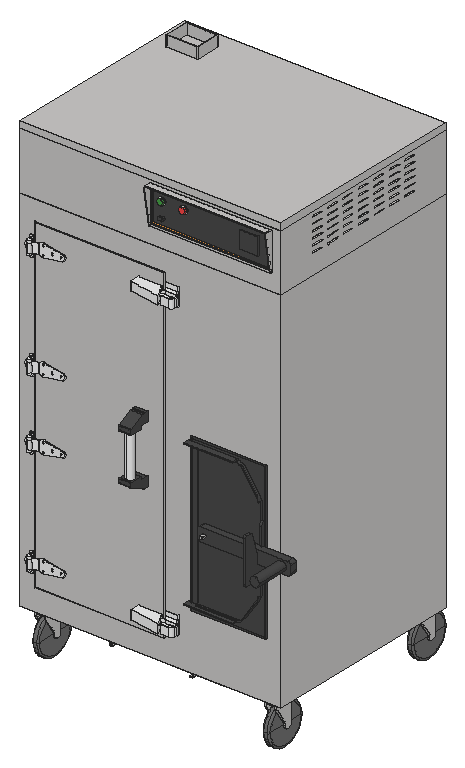
Revit family "QF_Southern Pride_SRG-400", category Specialty Equipment, Revit 2019 (continued)
Definition of nested family "Southern Pride_SRG-400 Door"
  Automatic sketch dimensions
    Extrusion 17 sketch curve to Extrusion 17 sketch curve = 0.000"  (x2)
    Extrusion 17 sketch curve to plane 13 "Handle CL FB" = 0.1638"
    plane 13 "Handle CL FB" to Extrusion 17 sketch curve = 0.26423"
    plane 13 "Handle CL FB" to Extrusion 17 sketch curve = 0.36635"
    plane 13 "Handle CL FB" to Extrusion 17 sketch curve = 0.47299"
    Extrusion 17 sketch curve to Extrusion 17 sketch curve = 0.24814"  (x2)
    Extrusion 17 sketch curve to Extrusion 17 sketch curve = 0.6204"
    Extrusion 17 sketch curve to Extrusion 17 sketch curve = 0.04959"
    Extrusion 17 sketch curve to Extrusion 17 sketch curve = 0.49627"
    plane 5 "RIGHT" to Extrusion 17 sketch curve = 2.20093"
    Extrusion 17 sketch curve to Extrusion 17 sketch curve = 0.03047"
    Extrusion 17 sketch curve to Extrusion 17 sketch curve = 0.86848"
    Extrusion 17 sketch curve to Extrusion 17 sketch curve = 0.06093"
    Extrusion 17 sketch curve to Extrusion 17 sketch curve = 0.07819"
    plane 5 "RIGHT" to Extrusion 17 sketch curve = 0.56203"
    Extrusion 17 sketch curve to Extrusion 17 sketch curve = 0.11474"
    plane 18 "Left Bottom Hinge CL Elev" to Extrusion 18 sketch curve = 0.5052"
    level to Extrusion 18 sketch curve = 1.1198"
    plane 5 "RIGHT" to Extrusion 18 sketch curve = 2.223"
    plane 5 "RIGHT" to Extrusion 18 sketch curve = 0.278"
    Extrusion 19 sketch curve to Extrusion 19 sketch curve = 0.000"  (x6)
    Extrusion 19 sketch curve to plane 13 "Handle CL FB" = 0.000"
    Extrusion 19 sketch curve to Extrusion 19 sketch curve = 0.125"
    plane 13 "Handle CL FB" to Extrusion 19 sketch curve = 0.25639"
    Extrusion 19 sketch curve to Extrusion 19 sketch curve = 0.375"
    Extrusion 19 sketch curve to Extrusion 19 sketch curve = 0.4275"
    plane 5 "RIGHT" to Extrusion 19 sketch curve = 0.35136"
    Extrusion 19 sketch curve to plane 16 "Left Hinge CL FB" = 0.70593"
    plane 5 "RIGHT" to Extrusion 19 sketch curve = 0.30074"
    Extrusion 19 sketch curve to Extrusion 19 sketch curve = 0.11713"
    Extrusion 19 sketch curve to Extrusion 19 sketch curve = 0.2939"
    Extrusion 19 sketch curve to Extrusion 19 sketch curve = 1.3075"
    plane 13 "Handle CL FB" to Extrusion 20 sketch curve = 0.61455"
    plane 5 "RIGHT" to Extrusion 20 sketch curve = 2.140"
    Extrusion 21 sketch curve to Extrusion 21 sketch curve = 0.000"  (x2)
    Extrusion 21 sketch curve to plane 13 "Handle CL FB" = 0.1638"
    plane 13 "Handle CL FB" to Extrusion 21 sketch curve = 0.26423"
    plane 13 "Handle CL FB" to Extrusion 21 sketch curve = 0.36635"
    plane 13 "Handle CL FB" to Extrusion 21 sketch curve = 0.47299"
    Extrusion 21 sketch curve to Extrusion 21 sketch curve = 0.24814"  (x2)
    Extrusion 21 sketch curve to Extrusion 21 sketch curve = 0.6204"
    Extrusion 21 sketch curve to Extrusion 21 sketch curve = 0.04959"
    Extrusion 21 sketch curve to Extrusion 21 sketch curve = 0.49627"
    plane 5 "RIGHT" to Extrusion 21 sketch curve = 2.20093"
    Extrusion 21 sketch curve to Extrusion 21 sketch curve = 0.03047"
    Extrusion 21 sketch curve to Extrusion 21 sketch curve = 0.86848"
    Extrusion 21 sketch curve to Extrusion 21 sketch curve = 0.06093"
    Extrusion 21 sketch curve to Extrusion 21 sketch curve = 0.07819"
    plane 5 "RIGHT" to Extrusion 21 sketch curve = 0.56203"
    Extrusion 21 sketch curve to Extrusion 21 sketch curve = 0.11474"
    Extrusion 22 sketch curve to plane 16 "Left Hinge CL FB" = 0.385"
    Extrusion 22 sketch curve to plane 4 "FRONT" = 0.125"
    plane 5 "RIGHT" to Extrusion 22 sketch curve = 2.5623"
    Extrusion 22 sketch curve to Extrusion 22 sketch curve = 0.3393"
    plane 5 "RIGHT" to Extrusion 22 sketch curve = 0.9609"
    plane 5 "RIGHT" to Extrusion 22 sketch curve = 0.278"
    Extrusion 23 sketch curve to plane 16 "Left Hinge CL FB" = 0.000"
    Extrusion 23 sketch curve to plane 15 "Left Hinge CL LR" = 0.000"
    Extrusion 23 sketch curve to plane 4 "FRONT" = 0.125"
    Extrusion 23 sketch curve to Extrusion 23 sketch curve = 0.3117"
    Extrusion 24 sketch curve to plane 16 "Left Hinge CL FB" = 0.000"
    Extrusion 24 sketch curve to plane 15 "Left Hinge CL LR" = 0.000"
    Extrusion 24 sketch curve to plane 4 "FRONT" = 0.125"
    Extrusion 24 sketch curve to Extrusion 24 sketch curve = 0.3117"
    Extrusion 25 sketch curve to plane 15 "Left Hinge CL LR" = 0.000"
    Extrusion 25 sketch curve to plane 16 "Left Hinge CL FB" = 0.000"
    Extrusion 26 sketch curve to Extrusion 26 sketch curve = 0.000"  (x3)
    Extrusion 26 sketch curve to plane 15 "Left Hinge CL LR" = 0.000"
    Extrusion 26 sketch curve to plane 16 "Left Hinge CL FB" = 0.000"
    Extrusion 26 sketch curve to plane 17 = 0.000"
    plane 13 "Handle CL FB" to Extrusion 26 sketch curve = 0.37193"
    Extrusion 26 sketch curve to plane 4 "FRONT" = 0.125"
    plane 4 "FRONT" to Extrusion 26 sketch curve = 0.00152"
    Extrusion 26 sketch curve to plane 1 "BACK" = 0.27018"
    plane 17 to Extrusion 26 sketch curve = 0.29395"
    plane 15 "Left Hinge CL LR" to Extrusion 26 sketch curve = 0.24165"
    Extrusion 26 sketch curve to plane 16 "Left Hinge CL FB" = 0.12344"
    Extrusion 27 sketch curve to Extrusion 27 sketch curve = 0.000"  (x9)
    Extrusion 27 sketch curve to plane 21 "Center Bottom Hinge CL Elev" = 0.000"  (x4)
    Extrusion 27 sketch curve to plane 17 = 0.000"
    plane 11 "Handle Bottom" to Extrusion 27 sketch curve = 0.1889"
    plane 17 to Extrusion 27 sketch curve = 0.66572"
    Extrusion 27 sketch curve to plane 21 "Center Bottom Hinge CL Elev" = 0.3139"
    Extrusion 27 sketch curve to Extrusion 27 sketch curve = 0.09038"  (x2)
    Extrusion 27 sketch curve to Extrusion 27 sketch curve = 0.0338"  (x2)
    Extrusion 27 sketch curve to Extrusion 27 sketch curve = 1.47068"
    Extrusion 27 sketch curve to Extrusion 27 sketch curve = 1.3803"
    Extrusion 27 sketch curve to Extrusion 27 sketch curve = 0.1748"  (x2)
    plane 11 "Handle Bottom" to Extrusion 27 sketch curve = 0.33672"
    plane 3 "LEFT" to Extrusion 27 sketch curve = 0.1379"  (x2)
    Extrusion 27 sketch curve to plane 3 "LEFT" = 0.2323"
    plane 15 "Left Hinge CL LR" to Extrusion 27 sketch curve = 0.0319"  (x2)
    Extrusion 27 sketch curve to plane 15 "Left Hinge CL LR" = 0.21933"  (x2)
    Extrusion 27 sketch curve to plane 15 "Left Hinge CL LR" = 0.4073"
    Extrusion 27 sketch curve to Extrusion 27 sketch curve = 0.1568"
    Extrusion 27 sketch curve to Extrusion 27 sketch curve = 2.0042"  (x2)
    Extrusion 27 sketch curve to plane 12 "Handle Inside Bottom" = 0.30262"
    Extrusion 27 sketch curve to plane 21 "Center Bottom Hinge CL Elev" = 1.82238"
    Extrusion 27 sketch curve to Extrusion 27 sketch curve = 0.70296"
    Extrusion 27 sketch curve to Extrusion 27 sketch curve = 0.2134"  (x2)
    Extrusion 27 sketch curve to Extrusion 27 sketch curve = 0.2711"  (x2)
    plane 11 "Handle Bottom" to Extrusion 27 sketch curve = 0.8694"
    plane 15 "Left Hinge CL LR" to Extrusion 27 sketch curve = 0.28295"  (x2)
    plane 11 "Handle Bottom" to Extrusion 27 sketch curve = 0.28072"
    Extrusion 28 sketch curve to plane 16 "Left Hinge CL FB" = 0.000"
    Extrusion 28 sketch curve to plane 15 "Left Hinge CL LR" = 0.000"
    Extrusion 28 sketch curve to plane 4 "FRONT" = 0.125"
    plane 15 "Left Hinge CL LR" to Extrusion 28 sketch curve = 0.3117"
    Extrusion 29 sketch curve to plane 16 "Left Hinge CL FB" = 0.000"
    Extrusion 29 sketch curve to plane 15 "Left Hinge CL LR" = 0.000"
    Extrusion 29 sketch curve to plane 4 "FRONT" = 0.125"
    plane 15 "Left Hinge CL LR" to Extrusion 29 sketch curve = 0.3117"
    Extrusion 30 sketch curve to plane 15 "Left Hinge CL LR" = 0.000"
    Extrusion 30 sketch curve to plane 16 "Left Hinge CL FB" = 0.000"
    Extrusion 31 sketch curve to Extrusion 31 sketch curve = 0.000"  (x3)
    Extrusion 31 sketch curve to plane 15 "Left Hinge CL LR" = 0.000"
    Extrusion 31 sketch curve to plane 16 "Left Hinge CL FB" = 0.000"
    Extrusion 31 sketch curve to plane 17 = 0.000"
    plane 13 "Handle CL FB" to Extrusion 31 sketch curve = 0.37193"
    Extrusion 31 sketch curve to plane 4 "FRONT" = 0.125"
    plane 4 "FRONT" to Extrusion 31 sketch curve = 0.00152"
    Extrusion 31 sketch curve to plane 1 "BACK" = 0.27018"
    plane 17 to Extrusion 31 sketch curve = 0.29395"
    plane 15 "Left Hinge CL LR" to Extrusion 31 sketch curve = 0.24165"
    Extrusion 31 sketch curve to plane 16 "Left Hinge CL FB" = 0.12344"
    Extrusion 32 sketch curve to Extrusion 32 sketch curve = 0.000"  (x9)
    Extrusion 32 sketch curve to plane 20 "Center Top Hinge CL Elev" = 0.000"  (x4)
    Extrusion 32 sketch curve to plane 17 = 0.000"
    plane 20 "Center Top Hinge CL Elev" to Extrusion 32 sketch curve = 0.3139"
    plane 17 to Extrusion 32 sketch curve = 0.66572"
    Extrusion 32 sketch curve to plane 10 "Handle Top" = 0.1889"
    Extrusion 32 sketch curve to Extrusion 32 sketch curve = 0.09038"  (x2)
    Extrusion 32 sketch curve to Extrusion 32 sketch curve = 0.0338"  (x2)
    Extrusion 32 sketch curve to Extrusion 32 sketch curve = 1.47068"
    Extrusion 32 sketch curve to Extrusion 32 sketch curve = 1.3803"
    Extrusion 32 sketch curve to Extrusion 32 sketch curve = 0.1748"  (x2)
    plane 10 "Handle Top" to Extrusion 32 sketch curve = 0.58672"
    plane 3 "LEFT" to Extrusion 32 sketch curve = 0.1379"  (x2)
    Extrusion 32 sketch curve to plane 3 "LEFT" = 0.2323"
    plane 15 "Left Hinge CL LR" to Extrusion 32 sketch curve = 0.0319"  (x2)
    Extrusion 32 sketch curve to plane 15 "Left Hinge CL LR" = 0.21933"  (x2)
    Extrusion 32 sketch curve to plane 15 "Left Hinge CL LR" = 0.4073"
    Extrusion 32 sketch curve to Extrusion 32 sketch curve = 0.1568"
    plane 9 "Handle Inside Top" to Extrusion 32 sketch curve = 0.30262"
    Extrusion 32 sketch curve to Extrusion 32 sketch curve = 2.0042"  (x2)
    plane 9 "Handle Inside Top" to Extrusion 32 sketch curve = 0.9172"
    Extrusion 32 sketch curve to Extrusion 32 sketch curve = 0.2134"  (x2)
    Extrusion 32 sketch curve to Extrusion 32 sketch curve = 0.2711"  (x2)
    plane 20 "Center Top Hinge CL Elev" to Extrusion 32 sketch curve = 0.9944"
    plane 20 "Center Top Hinge CL Elev" to Extrusion 32 sketch curve = 1.82238"
    plane 15 "Left Hinge CL LR" to Extrusion 32 sketch curve = 0.28295"  (x2)
    plane 20 "Center Top Hinge CL Elev" to Extrusion 32 sketch curve = 0.40572"
    Extrusion 33 sketch curve to plane 4 "FRONT" = 0.000"
    Extrusion 33 sketch curve to plane 4 "FRONT" = 0.250"
    Extrusion 33 sketch curve to plane 7 "Handle CL LR" = 0.3127"
    plane 13 "Handle CL FB" to Extrusion 33 sketch curve = 0.84426"
    Extrusion 33 sketch curve to plane 13 "Handle CL FB" = 0.01886"
    Extrusion 33 sketch curve to plane 5 "RIGHT" = 0.1252"
    Extrusion 33 sketch curve to plane 5 "RIGHT" = 0.0002"
    plane 5 "RIGHT" to Extrusion 33 sketch curve = 0.83777"
    Extrusion 33 sketch curve to Extrusion 33 sketch curve = 0.01955"
    Extrusion 34 sketch curve to Extrusion 34 sketch curve = 0.000"  (x2)
    Extrusion 34 sketch curve to plane 13 "Handle CL FB" = 0.1638"
    plane 13 "Handle CL FB" to Extrusion 34 sketch curve = 0.26423"
    plane 13 "Handle CL FB" to Extrusion 34 sketch curve = 0.36635"
    plane 13 "Handle CL FB" to Extrusion 34 sketch curve = 0.47299"
    Extrusion 34 sketch curve to Extrusion 34 sketch curve = 0.24814"  (x2)
    Extrusion 34 sketch curve to Extrusion 34 sketch curve = 0.6204"
    Extrusion 34 sketch curve to Extrusion 34 sketch curve = 0.04959"
    Extrusion 34 sketch curve to Extrusion 34 sketch curve = 0.49627"
    plane 5 "RIGHT" to Extrusion 34 sketch curve = 2.20093"
    Extrusion 34 sketch curve to Extrusion 34 sketch curve = 0.03047"
    Extrusion 34 sketch curve to Extrusion 34 sketch curve = 0.86848"
    Extrusion 34 sketch curve to Extrusion 34 sketch curve = 0.06093"
    Extrusion 34 sketch curve to Extrusion 34 sketch curve = 0.07819"
    plane 5 "RIGHT" to Extrusion 34 sketch curve = 0.56203"
    Extrusion 34 sketch curve to Extrusion 34 sketch curve = 0.11474"
    plane 5 "RIGHT" to Extrusion 35 sketch curve = 0.278"
    Extrusion 35 sketch curve to plane 6 "TOP" = 1.1198"
    Extrusion 35 sketch curve to plane 23 "Left Top Hinge CL Elev" = 0.5052"
    Extrusion 35 sketch curve to Extrusion 35 sketch curve = 1.945"
    Extrusion 36 sketch curve to Extrusion 36 sketch curve = 0.000"  (x6)
    Extrusion 36 sketch curve to plane 13 "Handle CL FB" = 0.000"
    Extrusion 36 sketch curve to Extrusion 36 sketch curve = 0.125"
    plane 13 "Handle CL FB" to Extrusion 36 sketch curve = 0.25639"
    Extrusion 36 sketch curve to Extrusion 36 sketch curve = 0.375"
    Extrusion 36 sketch curve to Extrusion 36 sketch curve = 0.4275"
    plane 5 "RIGHT" to Extrusion 36 sketch curve = 0.35136"
    Extrusion 36 sketch curve to plane 16 "Left Hinge CL FB" = 0.70593"
    plane 5 "RIGHT" to Extrusion 36 sketch curve = 0.30074"
    Extrusion 36 sketch curve to Extrusion 36 sketch curve = 0.11713"
    Extrusion 36 sketch curve to Extrusion 36 sketch curve = 0.2939"
    Extrusion 36 sketch curve to Extrusion 36 sketch curve = 1.3075"
    plane 13 "Handle CL FB" to Extrusion 37 sketch curve = 0.61455"
    plane 5 "RIGHT" to Extrusion 37 sketch curve = 2.140"
    Extrusion 38 sketch curve to Extrusion 38 sketch curve = 0.000"  (x2)
    Extrusion 38 sketch curve to plane 13 "Handle CL FB" = 0.1638"
    plane 13 "Handle CL FB" to Extrusion 38 sketch curve = 0.26423"
    plane 13 "Handle CL FB" to Extrusion 38 sketch curve = 0.36635"
    plane 13 "Handle CL FB" to Extrusion 38 sketch curve = 0.47299"
    Extrusion 38 sketch curve to Extrusion 38 sketch curve = 0.24814"  (x2)
    Extrusion 38 sketch curve to Extrusion 38 sketch curve = 0.6204"
    Extrusion 38 sketch curve to Extrusion 38 sketch curve = 0.04959"
    Extrusion 38 sketch curve to Extrusion 38 sketch curve = 0.49627"
    plane 5 "RIGHT" to Extrusion 38 sketch curve = 2.20093"
    Extrusion 38 sketch curve to Extrusion 38 sketch curve = 0.03047"
    Extrusion 38 sketch curve to Extrusion 38 sketch curve = 0.86848"
    Extrusion 38 sketch curve to Extrusion 38 sketch curve = 0.06093"
    Extrusion 38 sketch curve to Extrusion 38 sketch curve = 0.07819"
    plane 5 "RIGHT" to Extrusion 38 sketch curve = 0.56203"
    Extrusion 38 sketch curve to Extrusion 38 sketch curve = 0.11474"
    Extrusion 39 sketch curve to plane 16 "Left Hinge CL FB" = 0.385"
    Extrusion 39 sketch curve to plane 4 "FRONT" = 0.125"
    plane 5 "RIGHT" to Extrusion 39 sketch curve = 2.5623"
    Extrusion 39 sketch curve to Extrusion 39 sketch curve = 0.3393"
    plane 5 "RIGHT" to Extrusion 39 sketch curve = 0.9609"
    plane 5 "RIGHT" to Extrusion 39 sketch curve = 0.278"
    curve 16 to curve 21 = 0.000"  (x2)
    curve 36 to curve 47 = 0.000"  (x2)
    curve 37 to curve 45 = 0.000"  (x2)
    curve 39 to curve 43 = 0.000"  (x2)
    curve 48 to curve 49 = 0.000"  (x2)
    curve 11 to plane 4 "FRONT" = 0.000"
    curve 14 to plane 16 "Left Hinge CL FB" = 0.000"
    curve 15 to plane 15 "Left Hinge CL LR" = 0.000"
    curve 8 to plane 13 "Handle CL FB" = 0.000"
    curve 8 to plane 15 "Left Hinge CL LR" = 0.000"
    curve 19 to plane 17 = 0.000"
    curve 9 to plane 5 "RIGHT" = 0.000"
    curve 29 to plane 4 "FRONT" = 0.000"
    curve 41 to plane 13 "Handle CL FB" = 0.000"
    curve 9 to plane 13 "Handle CL FB" = 0.000"
    curve 14 to plane 15 "Left Hinge CL LR" = 0.3117"
    curve 12 to plane 4 "FRONT" = 0.125"
    curve 12 to curve 14 = 0.6603"
    plane 15 "Left Hinge CL LR" to curve 17 = 0.24165"
    curve 18 to curve 13 = 0.128"
    curve 9 to plane 4 "FRONT" = 0.01196"
    plane 3 "LEFT" to curve 9 = 0.10502"
    plane 17 to curve 16 = 0.29395"
    curve 20 to plane 4 "FRONT" = 0.125"
    curve 19 to curve 20 = 4.0104"
    curve 5 to plane 7 "Handle CL LR" = 0.938"
    curve 22 to plane 7 "Handle CL LR" = 0.4377"
    curve 22 to curve 24 = 0.10545"
    curve 24 to curve 23 = 0.01955"
    plane 7 "Handle CL LR" to curve 6 = 0.938"
    curve 28 to plane 5 "RIGHT" = 0.1252"
    curve 25 to plane 5 "RIGHT" = 0.0002"
    curve 31 to plane 4 "FRONT" = 0.125"
    plane 5 "RIGHT" to curve 31 = 0.278"
    curve 24 to plane 13 "Handle CL FB" = 0.01886"
    plane 5 "RIGHT" to curve 24 = 0.83777"
    curve 33 to plane 16 "Left Hinge CL FB" = 0.385"
    curve 49 to plane 13 "Handle CL FB" = 0.1638"
    curve 24 to curve 49 = 0.35556"
    plane 13 "Handle CL FB" to curve 42 = 0.125"
    curve 48 to curve 42 = 0.06147"
    plane 13 "Handle CL FB" to curve 50 = 0.47299"
    curve 41 to curve 50 = 0.01672"
    curve 47 to curve 52 = 0.37156"
    curve 50 to curve 53 = 0.86848"
    plane 13 "Handle CL FB" to curve 50 = 0.36635"
    curve 50 to curve 53 = 0.000"
    curve 53 to curve 51 = 0.03047"
    plane 13 "Handle CL FB" to curve 52 = 0.86262"
    curve 51 to curve 52 = 0.03047"
    curve 51 to curve 30 = 0.02207"
    curve 51 to curve 37 = 0.36137"
    curve 51 to curve 40 = 0.4223"
    curve 39 to curve 44 = 0.375"
    curve 7 to plane 13 "Handle CL FB" = 0.9375"
    plane 13 "Handle CL FB" to curve 47 = 0.25639"
    plane 13 "Handle CL FB" to curve 21 = 0.37193"
    curve 51 to curve 53 = 0.00006"
    plane 13 "Handle CL FB" to curve 24 = 0.7208"
    curve 52 to curve 47 = 0.33324"
    plane 16 "Left Hinge CL FB" to curve 25 = 0.1075"
    curve 26 to curve 27 = 0.07125"
    curve 17 to plane 1 "BACK" = 0.27018"
    curve 9 to curve 17 = 0.02783"
    curve 21 to curve 17 = 0.000"
    plane 13 "Handle CL FB" to curve 53 = 0.42159"
    curve 48 to curve 53 = 0.42286"
    Extrusion 14 sketch curve to plane 5 "RIGHT" = 0.000"
    Extrusion 14 sketch curve to plane 4 "FRONT" = 0.01196"
    radius of Extrusion 1 sketch curve = 0.625"
    radius of Extrusion 5 sketch curve = 0.1666"  (x7)
    radius of Extrusion 8 sketch curve = 0.2866"
    radius of Extrusion 11 sketch curve = 0.2866"
    radius of Extrusion 15 sketch curve = 0.1666"  (x7)
    radius of Extrusion 20 sketch curve = 0.48955"
    radius of Extrusion 25 sketch curve = 0.2866"
    radius of Extrusion 27 sketch curve = 0.1666"  (x7)
    radius of Extrusion 30 sketch curve = 0.2866"
    radius of Extrusion 32 sketch curve = 0.1666"  (x7)
    radius of Extrusion 37 sketch curve = 0.48955"
Definition of nested family "Southern Pride_SRG-400 Firebox"
  Parameters (values of type "Southern Pride_SRG-400 Firebox")
    Watermarked By = ""
    Symbolic Lines [instance] = yes
    Show Clearance [instance] = yes
    Model = ""
    Manufacturer = ""
    Keynote = ""
    Description = ""
  Reference planes
    plane 1: z = 0
    plane 2 "LEFT": x = -420.769
    plane 3 "FRONT": y = -384.556
    plane 4 "RIGHT": x = -249.319
    plane 5 "TOP": z = 619.125
    plane 6 "Handle CL Elev": z = 309.563
    plane 7 "Inside Left": x = -417.594
    plane 8: x = -408.069
    plane 9 "Handle Left": x = -405.819
    plane 10 "Handle Right": x = -380.419
    plane 11 "Door Swing": x = 103.106
    plane 12 "BACK": y = -86.106
  Forms (mm)
    Extrusion 1, solid
      sketch origin (-420.769, 0, 0) x (0, 1, 0) y (0, 0, 1)
        loop
          arc (-381.381, 619.125) -> (-383.626, 618.195) -> (-384.556, 615.95) r 3.175
          line (-384.556, 615.95) -> (-384.556, 3.175)
          arc (-384.556, 3.175) -> (-383.626, 0.93) -> (-381.381, 0) r 3.175
          line (-381.381, 0) -> (-89.281, 0)
          arc (-89.281, 0) -> (-87.036, 0.93) -> (-86.106, 3.175) r 3.175
          line (-86.106, 3.175) -> (-86.106, 615.95)
          arc (-86.106, 615.95) -> (-87.036, 618.195) -> (-89.281, 619.125) r 3.175
          line (-89.281, 619.125) -> (-381.381, 619.125)
        loop
          line (-379.781, 614.35) -> (-379.781, 4.775) -> (-90.881, 4.775) -> (-90.881, 614.35) -> (-379.781, 614.35)
      from 0 to 3.175
    Extrusion 2, solid
      sketch origin (-420.769, 0, 0) x (0, 1, 0) y (0, 0, 1)
        loop
          line (-113.487, 594.667) -> (-271.902, 594.667)
          arc (-271.902, 594.667) -> (-288.389, 590.598) -> (-301.089, 579.325) r 35.433
          line (-301.089, 579.325) -> (-352.873, 504.096)
          arc (-352.873, 504.096) -> (-357.489, 494.594) -> (-359.075, 484.149) r 35.179
          line (-359.075, 484.149) -> (-366.072, 484.149) -> (-366.072, 145.743) -> (-359.075, 145.743)
          arc (-359.075, 145.743) -> (-357.489, 135.298) -> (-352.873, 125.796) r 35.179
          line (-352.873, 125.796) -> (-299.515, 48.281)
          arc (-299.515, 48.281) -> (-286.815, 37.008) -> (-270.328, 32.939) r 35.433
          line (-270.328, 32.939) -> (-113.487, 32.939) -> (-113.487, 594.667)
        loop
          line (-379.781, 614.35) -> (-379.781, 4.775) -> (-90.881, 4.775) -> (-90.881, 614.35) -> (-379.781, 614.35)
      from 0 to 1.6
    Extrusion 3, solid
      sketch origin (-420.769, 0, 0) x (0, 1, 0) y (0, 0, 1)
        loop
          line (-113.487, 597.842) -> (-271.902, 597.842)
          arc (-271.902, 597.842) -> (-289.866, 593.409) -> (-303.704, 581.125) r 38.608
          line (-303.704, 581.125) -> (-355.488, 505.896)
          arc (-355.488, 505.896) -> (-360.52, 495.536) -> (-362.25, 484.149) r 38.354
          line (-362.25, 484.149) -> (-359.075, 484.149)
          arc (-359.075, 484.149) -> (-357.489, 494.594) -> (-352.873, 504.096) r 35.179
          line (-352.873, 504.096) -> (-301.089, 579.325)
          arc (-301.089, 579.325) -> (-288.389, 590.598) -> (-271.902, 594.667) r 35.433
          line (-271.902, 594.667) -> (-113.487, 594.667) -> (-113.487, 597.842)
        loop
          line (-299.515, 48.281) -> (-352.873, 125.796)
          arc (-352.873, 125.796) -> (-357.489, 135.298) -> (-359.075, 145.743) r 35.179
          line (-359.075, 145.743) -> (-362.25, 145.743)
          arc (-362.25, 145.743) -> (-360.52, 134.356) -> (-355.488, 123.996) r 38.354
          line (-355.488, 123.996) -> (-302.13, 46.481)
          arc (-302.13, 46.481) -> (-288.292, 34.198) -> (-270.328, 29.764) r 38.608
          line (-270.328, 29.764) -> (-113.487, 29.764) -> (-113.487, 32.939) -> (-270.328, 32.939)
          arc (-270.328, 32.939) -> (-286.815, 37.008) -> (-299.515, 48.281) r 35.433
      from 1.6 to 12.7
    Extrusion 4, solid
      sketch origin (-420.769, 0, 0) x (0, 1, 0) y (0, 0, 1)
        loop
          line (-359.075, 484.149) -> (-366.072, 484.149) -> (-366.072, 145.743) -> (-359.075, 145.743)
          arc (-359.075, 145.743) -> (-357.489, 135.298) -> (-352.873, 125.796) r 35.179
          line (-352.873, 125.796) -> (-299.515, 48.281)
          arc (-299.515, 48.281) -> (-286.815, 37.008) -> (-270.328, 32.939) r 35.433
          line (-270.328, 32.939) -> (-113.487, 32.939) -> (-113.487, 594.667) -> (-271.902, 594.667)
          arc (-271.902, 594.667) -> (-288.389, 590.598) -> (-301.089, 579.325) r 35.433
          line (-301.089, 579.325) -> (-352.873, 504.096)
          arc (-352.873, 504.096) -> (-357.489, 494.594) -> (-359.075, 484.149) r 35.179
      from 0 to 3.175
    Extrusion 5, solid
      sketch origin (-405.819, 0, 0) x (0, 1, 0) y (0, 0, 1)
        loop
          arc (-513.535, 296.863) -> (-509.815, 287.882) -> (-500.835, 284.163) r 12.7
          line (-500.835, 284.163) -> (-155.141, 284.163)
          arc (-155.141, 284.163) -> (-146.16, 287.882) -> (-142.441, 296.863) r 12.7
          line (-142.441, 296.863) -> (-142.441, 322.263)
          arc (-142.441, 322.263) -> (-146.16, 331.243) -> (-155.141, 334.963) r 12.7
          line (-155.141, 334.963) -> (-500.835, 334.963)
          arc (-500.835, 334.963) -> (-509.815, 331.243) -> (-513.535, 322.263) r 12.7
          line (-513.535, 322.263) -> (-513.535, 296.863)
        loop
          circle (-167.841, 309.562) r 6.35
      from 0 to 25.4
    Extrusion 6, solid
      sketch origin (-417.594, 0, 0) x (0, 1, 0) y (0, 0, 1)
        loop
          circle (-167.841, 309.562) r 6.35
      from 0 to 50.8
    Extrusion 7, solid
      sketch origin (-417.594, 0, 0) x (0, 1, 0) y (0, 0, 1)
        loop
          line (-271.902, 604.192) -> (-271.902, 601.017) -> (-78.608, 601.017) -> (-78.608, 604.192) -> (-271.902, 604.192)
        loop
          line (-271.902, 25.7) -> (-78.608, 25.7) -> (-78.608, 28.875) -> (-271.902, 28.875) -> (-271.902, 25.7)
      from 0 to 25.4
    Extrusion 8, solid
      sketch origin (-380.419, 0, 0) x (0, 1, 0) y (0, 0, 1)
        loop
          circle (-475.435, 309.562) r 18.258
      from 0 to 131.1
    Extrusion 9, solid
      sketch origin (0, -384.556, 0) x (-1, 0, 0) y (0, 0, 1)
        loop
          arc (417.594, 417.566) -> (409.381, 411.682) -> (406.237, 402.079) r 16.237
          line (406.237, 402.079) -> (406.237, 274.5)
          arc (406.237, 274.5) -> (394.882, 278.254) -> (388.002, 288.037) r 19.05
          line (388.002, 288.037) -> (353.546, 401.991) -> (334.397, 401.991)
          arc (334.397, 401.991) -> (329.907, 400.131) -> (328.047, 395.641) r 6.35
          line (328.047, 395.641) -> (328.047, 229.855)
          arc (328.047, 229.855) -> (329.907, 225.365) -> (334.397, 223.505) r 6.35
          line (334.397, 223.505) -> (417.594, 223.505) -> (417.594, 417.566)
      from 6.35 to 15.875
    Extrusion 10, solid, visible <- "Show Clearance", detail levels coarse+medium
      sketch origin (0, 0, 0) x (1, 0, 0) y (0, 1, 0)
        loop
          line (-249.319, -86.106) -> (-249.319, -492.62)
          arc (-249.319, -492.62) -> (-15.829, -340.355) -> (98.453, -86.106) r 495.3
          line (98.453, -86.106) -> (-249.319, -86.106)
      from 0 to 619.125
  Cuts and joins
    joined: Extrusion 2, Extrusion 3
  Lines and regions (mm)
    symbolic lines, visible <- "Symbolic Lines"
      curve 1: line (-392.194, -78.608, 0) -> (-417.594, -78.608, 0)
      curve 2: line (-417.594, -271.902, 0) -> (-392.194, -271.902, 0)
      curve 3: line (-392.194, -271.902, 0) -> (-392.194, -78.608, 0)
      curve 4: line (-380.419, -513.535, 0) -> (-380.419, -142.441, 0)
      curve 5: line (-417.594, -78.608, 0) -> (-417.594, -384.556, 0)
      curve 7: line (-420.769, -384.556, 0) -> (-420.769, -86.106, 0)
      curve 8: line (-420.769, -86.106, 0) -> (-417.594, -86.106, 0)
      curve 9: line (-380.419, -142.441, 0) -> (-392.194, -142.441, 0)
      curve 10: line (-366.794, -161.491, 0) -> (-366.794, -174.191, 0)
      curve 11: line (-366.794, -174.191, 0) -> (-380.419, -174.191, 0)
      curve 12: line (-366.794, -161.491, 0) -> (-380.419, -161.491, 0)
      curve 13: line (-405.819, -513.535, 0) -> (-405.819, -271.902, 0)
      curve 14: line (-249.319, -457.177, 0) -> (-380.419, -457.177, 0)
      curve 15: line (-249.319, -457.177, 0) -> (-249.319, -493.692, 0)
      curve 16: line (-249.319, -493.692, 0) -> (-380.419, -493.692, 0)
      curve 17: line (-328.047, -378.206, 0) -> (-380.419, -378.206, 0)
      curve 18: line (-405.819, -378.206, 0) -> (-417.594, -378.206, 0)
      curve 19: line (-328.047, -378.206, 0) -> (-328.047, -368.681, 0)
      curve 20: line (-328.047, -368.681, 0) -> (-380.419, -368.681, 0)
      curve 21: line (-405.819, -368.681, 0) -> (-417.594, -368.681, 0)
      curve 22: line (-405.819, -362.25, 0) -> (-417.594, -362.25, 0)
    symbolic lines
      curve 6: line (-417.594, -384.556, 0) -> (-420.769, -384.556, 0)
      curve 23: line (-380.419, -513.535, 0) -> (-405.819, -513.535, 0)
    symbolic lines, visible <- "Show Clearance", detail levels coarse+medium
      curve 24: arc (-380.419, -513.535, 0) -> (-62.375, -387.889, 0) -> (98.453, -86.106, 0) r 495.3
      curve 25: line (98.453, -86.106, 0) -> (-380.419, -86.106, 0)
  Dimensions and locks
    locked: plane 4 "RIGHT" to plane 2 "LEFT" at 171.45
    locked: plane 5 "TOP" to plane 1 at 619.125
    locked: plane 2 "LEFT" to plane 7 "Inside Left" at 3.175
    locked: plane 7 "Inside Left" to plane 8 at 9.525
    locked: plane 2 "LEFT" to plane 9 "Handle Left" at 14.95
    locked: plane 9 "Handle Left" to plane 10 "Handle Right" at 25.4
    equal spacing: plane 5 "TOP", plane 6 "Handle CL Elev", level
    aligned and locked: level to plane 1
    aligned and locked: plane 7 "Inside Left" to Extrusion 1
    aligned and locked: plane 8 to Extrusion 3
    aligned and locked: plane 7 "Inside Left" to Extrusion 4
    aligned and locked: plane 10 "Handle Right" to Extrusion 5
    aligned and locked: plane 4 "RIGHT" to Extrusion 8
  Automatic sketch dimensions
    curve 7 to plane 2 "LEFT" = 0.000"
    curve 8 to plane 7 "Inside Left" = 0.000"
    curve 21 to plane 9 "Handle Left" = 0.000"
    curve 12 to plane 10 "Handle Right" = 0.000"
    curve 25 to plane 10 "Handle Right" = 0.000"
    curve 15 to plane 4 "RIGHT" = 0.000"
    curve 25 to plane 12 "BACK" = 0.000"
    curve 7 to plane 3 "FRONT" = 0.000"
    curve 7 to plane 12 "BACK" = 0.000"
    curve 3 to plane 10 "Handle Right" = 0.4636"
    curve 24 to plane 10 "Handle Right" = 0.4636"
    plane 10 "Handle Right" to curve 10 = 0.5364"
    plane 3 "FRONT" to curve 19 = 0.250"
    plane 10 "Handle Right" to curve 19 = 2.0619"
    curve 25 to plane 11 "Door Swing" = 0.18319"
    curve 14 to plane 3 "FRONT" = 2.8591"
    curve 15 to curve 14 = 1.4376"
    curve 23 to curve 16 = 0.7812"
    curve 17 to curve 19 = 0.375"
    curve 20 to curve 3 = 3.8102"
    curve 11 to plane 12 "BACK" = 3.4679"
    curve 10 to curve 12 = 0.500"
    curve 12 to curve 9 = 0.750"
    curve 8 to curve 5 = 0.2952"
    plane 3 "FRONT" to curve 18 = 0.250"
    curve 18 to curve 21 = 0.375"
    curve 21 to curve 22 = 0.2532"
    Extrusion 1 sketch curve to plane 3 "FRONT" = 0.000"
    Extrusion 1 sketch curve to level = 0.000"
    Extrusion 1 sketch curve to plane 5 "TOP" = 0.000"
    Extrusion 1 sketch curve to plane 12 "BACK" = 0.000"
    plane 3 "FRONT" to Extrusion 1 sketch curve = 0.125"  (x2)
    Extrusion 1 sketch curve to Extrusion 1 sketch curve = 0.063"  (x5)
    Extrusion 1 sketch curve to plane 12 "BACK" = 0.188"
    Extrusion 3 sketch curve to Extrusion 3 sketch curve = 0.000"  (x8)
    plane 3 "FRONT" to Extrusion 3 sketch curve = 0.8782"  (x2)
    Extrusion 3 sketch curve to Extrusion 3 sketch curve = 0.125"  (x3)
    Extrusion 3 sketch curve to Extrusion 3 sketch curve = 0.14119"  (x2)
    Extrusion 3 sketch curve to Extrusion 3 sketch curve = 0.10296"  (x4)
    Extrusion 3 sketch curve to Extrusion 3 sketch curve = 1.14084"  (x2)
    Extrusion 3 sketch curve to plane 5 "TOP" = 1.49605"
    plane 3 "FRONT" to Extrusion 3 sketch curve = 3.18315"
    level to Extrusion 3 sketch curve = 1.82995"
    plane 3 "FRONT" to Extrusion 3 sketch curve = 3.2451"
    Extrusion 3 sketch curve to plane 5 "TOP" = 1.56692"
    Extrusion 3 sketch curve to Extrusion 3 sketch curve = 1.14908"  (x2)
    Extrusion 3 sketch curve to plane 12 "BACK" = 1.078"  (x2)
    level to Extrusion 3 sketch curve = 1.2968"
    Extrusion 3 sketch curve to Extrusion 3 sketch curve = 3.05178"
    Extrusion 3 sketch curve to Extrusion 3 sketch curve = 0.7853"  (x2)
    Extrusion 3 sketch curve to Extrusion 3 sketch curve = 3.74708"
    Extrusion 3 sketch curve to Extrusion 3 sketch curve = 0.79098"
    plane 3 "FRONT" to Extrusion 4 sketch curve = 0.7277"
    Extrusion 4 sketch curve to Extrusion 4 sketch curve = 0.2755"  (x2)
    Extrusion 4 sketch curve to Extrusion 4 sketch curve = 0.24416"  (x2)
    Extrusion 4 sketch curve to Extrusion 4 sketch curve = 1.14084"  (x2)
    Extrusion 4 sketch curve to plane 5 "TOP" = 1.56692"
    plane 3 "FRONT" to Extrusion 4 sketch curve = 3.28612"
    level to Extrusion 4 sketch curve = 1.90082"
    plane 3 "FRONT" to Extrusion 4 sketch curve = 3.34807"
    Extrusion 4 sketch curve to Extrusion 4 sketch curve = 1.14908"  (x2)
    Extrusion 4 sketch curve to plane 12 "BACK" = 1.078"
    level to Extrusion 4 sketch curve = 1.2968"
    Extrusion 4 sketch curve to Extrusion 4 sketch curve = 3.05178"
    Extrusion 4 sketch curve to Extrusion 4 sketch curve = 0.7853"  (x2)
    Extrusion 4 sketch curve to Extrusion 4 sketch curve = 3.74708"
    Extrusion 4 sketch curve to Extrusion 4 sketch curve = 0.79098"
    Extrusion 5 sketch curve to plane 6 "Handle CL Elev" = 0.000"
    Extrusion 5 sketch curve to plane 6 "Handle CL Elev" = 0.500"
    Extrusion 5 sketch curve to plane 3 "FRONT" = 5.0779"
    Extrusion 5 sketch curve to Extrusion 5 sketch curve = 0.500"  (x5)
    Extrusion 5 sketch curve to plane 12 "BACK" = 3.2179"
    plane 6 "Handle CL Elev" to Extrusion 5 sketch curve = 0.500"
    Extrusion 6 sketch curve to plane 6 "Handle CL Elev" = 0.000"
    Extrusion 6 sketch curve to plane 12 "BACK" = 3.2179"
    Extrusion 7 sketch curve to plane 5 "TOP" = 0.5879"
    plane 3 "FRONT" to Extrusion 7 sketch curve = 4.4352"  (x2)
    level to Extrusion 7 sketch curve = 1.0118"
    plane 12 "BACK" to Extrusion 7 sketch curve = 0.2952"  (x2)
    Extrusion 7 sketch curve to Extrusion 7 sketch curve = 0.125"  (x2)
    Extrusion 8 sketch curve to plane 6 "Handle CL Elev" = 0.000"
    Extrusion 8 sketch curve to plane 3 "FRONT" = 3.5779"
    Extrusion 9 sketch curve to plane 7 "Inside Left" = 0.000"
    Extrusion 9 sketch curve to plane 9 "Handle Left" = 0.01646"
    Extrusion 9 sketch curve to plane 10 "Handle Right" = 0.29856"
    plane 10 "Handle Right" to Extrusion 9 sketch curve = 1.058"
    plane 10 "Handle Right" to Extrusion 9 sketch curve = 1.8119"
    Extrusion 9 sketch curve to Extrusion 9 sketch curve = 0.7539"
    Extrusion 9 sketch curve to Extrusion 9 sketch curve = 0.250"
    Extrusion 9 sketch curve to plane 2 "LEFT" = 0.0671"
    Extrusion 9 sketch curve to plane 6 "Handle CL Elev" = 3.3881"
    Extrusion 9 sketch curve to plane 6 "Handle CL Elev" = 1.3804"
    Extrusion 9 sketch curve to plane 6 "Handle CL Elev" = 0.84747"
    plane 6 "Handle CL Elev" to Extrusion 9 sketch curve = 3.3889"
    Extrusion 9 sketch curve to Extrusion 9 sketch curve = 0.0035"
    Extrusion 10 sketch curve to plane 4 "RIGHT" = 0.000"
    Extrusion 10 sketch curve to plane 12 "BACK" = 0.000"
    Extrusion 10 sketch curve to plane 10 "Handle Right" = 0.4636"
    Extrusion 10 sketch curve to plane 11 "Door Swing" = 0.18319"
    Extrusion 10 sketch curve to plane 3 "FRONT" = 4.2545"
    plane 3 "FRONT" to Extrusion 2 sketch curve = 0.188"
    plane 3 "FRONT" to Extrusion 2 sketch curve = 0.7277"
    Extrusion 2 sketch curve to Extrusion 2 sketch curve = 0.2755"  (x2)
    Extrusion 2 sketch curve to Extrusion 2 sketch curve = 0.24416"  (x2)
    Extrusion 2 sketch curve to Extrusion 2 sketch curve = 1.385"
    Extrusion 2 sketch curve to Extrusion 2 sketch curve = 1.14084"
    Extrusion 2 sketch curve to plane 5 "TOP" = 1.56692"
    plane 3 "FRONT" to Extrusion 2 sketch curve = 3.28612"
    plane 3 "FRONT" to Extrusion 2 sketch curve = 3.34807"
    Extrusion 2 sketch curve to plane 5 "TOP" = 0.9629"
    Extrusion 2 sketch curve to Extrusion 2 sketch curve = 1.14908"  (x2)
    Extrusion 2 sketch curve to plane 12 "BACK" = 1.078"
    Extrusion 2 sketch curve to plane 12 "BACK" = 0.188"
    Extrusion 2 sketch curve to Extrusion 2 sketch curve = 2.96178"
    Extrusion 2 sketch curve to Extrusion 2 sketch curve = 0.7853"
    level to Extrusion 2 sketch curve = 5.73791"
    Extrusion 2 sketch curve to Extrusion 2 sketch curve = 0.00001"
    level to Extrusion 2 sketch curve = 2.6918"
    Extrusion 2 sketch curve to Extrusion 2 sketch curve = 0.79098"
    level to Extrusion 2 sketch curve = 0.188"
    Extrusion 2 sketch curve to plane 5 "TOP" = 0.188"
    radius of Extrusion 5 sketch curve = 0.250"
    radius of Extrusion 6 sketch curve = 0.250"
    radius of Extrusion 8 sketch curve = 0.7188"
Definition of nested family "FESCasterLeg-2018"
  Parameters (values of type "FESCasterLeg-2018")
    Watermarked By = ""
    Standard Caster Mount [instance] = and(Overall Height > 3.98438", Caster)  # yes
    Overall Height [instance] = 6.000"
    Optional Caster Mount [instance] = and(Overall Height < 3.98438", Caster)  # no
    Mount Depth [instance] = if(Overall Height < 3.98438", 0.000", 1.250")  # 1.250"
    Leg Material [instance] = none
    Leg [instance] = no
    Caster Straight SL [instance] = and(Caster, not(Caster 45 Degree Lines))  # no
    Caster Radius [instance] = (Overall Height / 2) - 0.500"  # 2.500"
    Caster Mount Diameter [instance] = 1.500"
    Caster 45 Degree Lines [instance] = and(Caster, Caster 45 Degree SL)  # yes
    Caster [instance] = yes
    Caster 45 Degree SL [instance] = yes
  Reference planes
    plane 1 "Center FB": y = 0
    plane 2: z = 0
    plane 3 "Center LR": x = -420.769
    plane 4 "TOP": z = 152.4
    plane 5 "Caster Center": z = 63.5
    plane 6 "Caster": y = 31.75
    plane 7 "LEFT": x = -442.994
    plane 8 "RIGHT": x = -398.544
    plane 9: z = 139.7
    plane 10: z = 133.35
    plane 11 "45LR": through (-556.372, -135.603, 1219.2) normal (-0.7071, 0.7071, 0)
    plane 12 "45RL": through (-262.424, -158.345, 1219.2) normal (-0.7071, -0.7071, 0)
  Forms (mm)
    Extrusion 1, solid, visible <- "Standard Caster Mount"
      sketch origin (-442.994, 0, 0) x (0, 1, 0) y (0, 0, 1)
        loop
          line (44.45, 63.5) -> (44.45, 133.35) -> (31.75, 133.35) -> (25.4, 139.7) -> (-25.4, 139.7) -> (-25.4, 120.65) -> (19.05, 73.025) -> (19.05, 63.5)
          arc (19.05, 63.5) -> (31.75, 50.8) -> (44.45, 63.5) r 12.7
      from 0 to 44.45
    Extrusion 2, void
      sketch origin (0, 31.75, 0) x (1, 0, 0) y (0, 0, 1)
        loop
          line (-404.894, 130.175) -> (-436.644, 130.175) -> (-436.644, 47.625) -> (-404.894, 47.625) -> (-404.894, 130.175)
      from -12.7 to 57.15
    Revolve 3, solid, visible <- "Caster"
      sketch origin (0, 0, 63.5) x (0, 1, 0) y (-1, 0, 0)
        loop
          arc (95.25, 427.119) -> (93.39, 431.61) -> (88.9, 433.469) r 6.35
          line (88.9, 433.469) -> (31.75, 433.469) -> (31.75, 408.069) -> (88.9, 408.069)
          arc (88.9, 408.069) -> (93.39, 409.929) -> (95.25, 414.419) r 6.35
          line (95.25, 414.419) -> (95.25, 427.119)
        axis (31.75, 408.069) -> (31.75, 433.469)
      angle from 0 to 360
    Extrusion 4, solid, visible <- "Optional Caster Mount"
      sketch origin (-442.994, 0, 0) x (0, 1, 0) y (0, 0, 1)
        loop
          line (44.45, 63.5) -> (44.45, 152.4) -> (19.05, 152.4) -> (19.05, 63.5)
          arc (19.05, 63.5) -> (31.75, 50.8) -> (44.45, 63.5) r 12.7
      from 0 to 6.35
    Extrusion 5, solid, visible <- "Optional Caster Mount"
      sketch origin (-398.544, 0, 0) x (0, 1, 0) y (0, 0, 1)
        loop
          line (44.45, 63.5) -> (44.45, 152.4) -> (19.05, 152.4) -> (19.05, 63.5)
          arc (19.05, 63.5) -> (31.75, 50.8) -> (44.45, 63.5) r 12.7
      from 0 to -6.35
    Extrusion 6, solid, visible <- "Optional Caster Mount"
      sketch origin (-420.769, 0, 0) x (0, 1, 0) y (0, 0, 1)
        loop
          line (44.45, 152.4) -> (19.05, 152.4) -> (19.05, 130.175) -> (44.45, 130.175) -> (44.45, 152.4)
      from -15.875 to 15.875
    Extrusion 7, solid, visible <- "Standard Caster Mount"
      sketch origin (0, 0, 152.4) x (0, 1, 0) y (-1, 0, 0)
        loop
          circle (0, 420.769) r 19.05
      from 0 to -12.7
    Blend 8, solid, material <- "Leg Material", visible <- "Leg"
      base sketch origin (0, 0, 0) x (1, 0, 0) y (0, 1, 0)
        loop
          circle (-420.769, 0) r 12.7
      top sketch origin (0, 0, 0) x (1, 0, 0) y (0, 1, 0)
        loop
          circle (-420.769, 0) r 25.4
      from 0 to 152.4
  Cuts and joins
    Extrusion 2 cuts Extrusion 1
  Lines and regions (mm)
    symbolic lines, visible <- "Caster Straight SL"
      curve 1: line (-433.469, -31.75, 0) -> (-433.469, 69.85, 0)
      curve 2: line (-408.069, -31.75, 0) -> (-408.069, 69.85, 0)
    symbolic lines, visible <- "Caster 45 Degree Lines"
      curve 3: line (-456.69, -17.961, 0) -> (-384.848, 53.882, 0)
      curve 4: line (-438.73, -35.921, 0) -> (-366.888, 35.921, 0)
  Dimensions and locks
    "Overall Height": plane 4 "TOP" to level
    "Caster Radius": plane 5 "Caster Center" to level
    "Mount Depth": plane 1 "Center FB" to plane 6 "Caster"
    locked: plane 7 "LEFT" to plane 8 "RIGHT" at 44.45
    equal spacing: plane 7 "LEFT", plane 3 "Center LR", plane 8 "RIGHT"
    locked: plane 9 to plane 10 at 6.35
    locked: plane 4 "TOP" to plane 9 at 12.7
    locked: Extrusion 1 sketch curve to plane 6 "Caster" at 12.7
    locked: plane 6 "Caster" to Extrusion 1 sketch curve at 12.7
    locked: plane 6 "Caster" to Extrusion 1 sketch curve at 6.35
    locked: plane 9 to Extrusion 1 sketch curve at 19.05
    locked: Extrusion 1 sketch curve to plane 5 "Caster Center" at 9.525
    locked: plane 6 "Caster" to Extrusion 1 sketch curve at 57.15
    locked: plane 5 "Caster Center" to Extrusion 2 sketch curve at 15.875
    Extrusion 2 sketch curve to plane 3 "Center LR" to Extrusion 2 sketch curve = 0.625" locked, 0.625" locked
    locked: plane 9 to Extrusion 2 sketch curve at 9.525
    "Caster Radius": plane 6 "Caster" to Revolve 3 sketch curve
    Revolve 3 sketch curve to plane 3 "Center LR" to Revolve 3 sketch curve = 0.500" locked, 0.500" locked
    Extrusion 4 sketch curve to plane 6 "Caster" to Extrusion 4 sketch curve = 0.500" locked, 0.500" locked
    locked: Extrusion 4 sketch curve to plane 5 "Caster Center" at 0
    Extrusion 5 sketch curve to plane 6 "Caster" to Extrusion 5 sketch curve = 0.500" locked, 0.500" locked
    Extrusion 6 sketch curve to plane 6 "Caster" to Extrusion 6 sketch curve = 0.500" locked, 0.500" locked
    locked: plane 4 "TOP" to Extrusion 6 sketch curve at 22.225
    locked: plane 6 "Caster" to curve 1 at 38.1
    locked: plane 6 "Caster" to curve 2 at 38.1
    "Caster Radius": curve 2 to plane 6 "Caster"
    "Caster Radius": curve 1 to plane 6 "Caster"
    locked: curve 3 to plane 12 "45RL" at 38.1
    "Caster Radius": plane 12 "45RL" to curve 3
    locked: plane 11 "45LR" to curve 3 at 12.7
    locked: curve 4 to plane 11 "45LR" at 12.7
    locked: curve 4 to plane 12 "45RL" at 38.1
    "Caster Radius": plane 12 "45RL" to curve 4
    "Caster Mount Diameter": diameter of Extrusion 7 sketch curve
    aligned and locked: level to plane 2
    aligned and locked: Extrusion 1 sketch curve to plane 10
    aligned and locked: Extrusion 1 sketch curve to plane 9
    aligned and locked: plane 5 "Caster Center" to Extrusion 1 sketch curve  (x2)
    aligned and locked: plane 8 "RIGHT" to Extrusion 1
    aligned and locked: Extrusion 1 to Extrusion 2  (x2)
    aligned and locked: Revolve 3 sketch curve to plane 6 "Caster"
    aligned and locked: plane 6 "Caster" to Revolve 3 sketch curve
    aligned and locked: plane 4 "TOP" to Extrusion 4 sketch curve
    aligned and locked: plane 4 "TOP" to Extrusion 5 sketch curve
    aligned and locked: Extrusion 6 sketch curve to plane 4 "TOP"
    aligned and locked: Extrusion 7 to plane 9
    aligned and locked: plane 4 "TOP" to Blend 8
  Automatic sketch dimensions
    Extrusion 5 sketch curve to plane 5 "Caster Center" = 0.000"
    plane 1 "Center FB" to Blend 8 sketch curve = 0.000"  (x2)
    Blend 8 sketch curve to plane 3 "Center LR" = 0.000"  (x2)
    Extrusion 1 sketch curve to plane 6 "Caster" = 0.000"
    plane 7 "LEFT" to curve 1 = 0.375"
    curve 2 to plane 8 "RIGHT" = 0.375"
    Revolve 3 sketch curve to Revolve 3 sketch curve = 0.250"  (x2)
    plane 8 "RIGHT" to Revolve 3 sketch curve = 75.69073"
    Revolve 3 sketch curve to plane 7 "LEFT" = 42.55927"
    plane 1 "Center FB" to Extrusion 7 sketch curve = 0.000"
    Extrusion 7 sketch curve to plane 3 "Center LR" = 0.000"
    radius of Blend 8 sketch curve = 0.500"
    radius of Blend 8 sketch curve = 1.000"
Definition of nested family "Southern Pride_Pan"
  Parameters (values of type "Southern Pride_Pan")
    Width [instance] = 12.000"
    Watermarked By = ""
    URL = ""
    Symbolic Lines [instance] = yes
    Pan Depth [instance] = 2.000"
    Model = ""
    Material [instance] = none
    Manufacturer = ""
    Horizontal Depth [instance] = 24.000"
    Description = "Food Pan"
  Reference planes
    plane 1 "BACK": y = 0
    plane 2 "BOTTOM": z = 0
    plane 3 "LEFT": x = -420.769
    plane 4 "RIGHT": x = -115.969
    plane 5 "FRONT": y = -609.6
    plane 6 "BASE TOP": z = 3.175
    plane 7: x = -408.069
    plane 8: x = -128.669
    plane 9 "Pan Bottom": z = -50.8
    plane 10: y = -12.7
    plane 11: y = -596.9
    plane 12: y = -25.4
    plane 13: y = -584.2
    plane 14: x = -141.369
    plane 15: x = -395.369
    plane 16: z = -38.1
    plane 17: y = -38.1
    plane 18: y = -571.5
    plane 19: x = -154.069
    plane 20: x = -382.669
    plane 21: z = -47.625
    plane 22: z = -127
  Forms (mm)
    Extrusion 1, solid, material <- "Material"
      sketch origin (0, 0, 0) x (1, 0, 0) y (0, 1, 0)
        loop
          arc (-408.069, 0) -> (-417.05, -3.72) -> (-420.769, -12.7) r 12.7
          line (-420.769, -12.7) -> (-420.769, -596.9)
          arc (-420.769, -596.9) -> (-417.05, -605.88) -> (-408.069, -609.6) r 12.7
          line (-408.069, -609.6) -> (-128.669, -609.6)
          arc (-128.669, -609.6) -> (-119.689, -605.88) -> (-115.969, -596.9) r 12.7
          line (-115.969, -596.9) -> (-115.969, -12.7)
          arc (-115.969, -12.7) -> (-119.689, -3.72) -> (-128.669, 0) r 12.7
          line (-128.669, 0) -> (-408.069, 0)
        loop
          arc (-382.669, -16.002) -> (-398.295, -22.474) -> (-404.767, -38.1) r 22.098
          line (-404.767, -38.1) -> (-404.767, -571.5)
          arc (-404.767, -571.5) -> (-398.295, -587.126) -> (-382.669, -593.598) r 22.098
          line (-382.669, -593.598) -> (-154.069, -593.598)
          arc (-154.069, -593.598) -> (-138.444, -587.126) -> (-131.971, -571.5) r 22.098
          line (-131.971, -571.5) -> (-131.971, -38.1)
          arc (-131.971, -38.1) -> (-138.444, -22.474) -> (-154.069, -16.002) r 22.098
          line (-154.069, -16.002) -> (-382.669, -16.002)
      from 0 to 3.175
    Sweep 2, solid, material <- "Material"
      path origin (0, 0, 0) x (1, 0, 0) y (0, 1, 0)
        loop
          arc (-382.669, -12.7) -> (-400.63, -20.139) -> (-408.069, -38.1) r 25.4
          line (-408.069, -38.1) -> (-408.069, -571.5)
          arc (-408.069, -571.5) -> (-400.63, -589.461) -> (-382.669, -596.9) r 25.4
          line (-382.669, -596.9) -> (-154.069, -596.9)
          arc (-154.069, -596.9) -> (-136.109, -589.461) -> (-128.669, -571.5) r 25.4
          line (-128.669, -571.5) -> (-128.669, -38.1)
          arc (-128.669, -38.1) -> (-136.109, -20.139) -> (-154.069, -12.7) r 25.4
          line (-154.069, -12.7) -> (-382.669, -12.7)
      profile origin (-268.369, -12.7, 0) x (0, 1, 0) y (0, 0, 1)
        loop
          line (0, 0) -> (-3.175, 0) -> (-12.7, -38.1)
          arc (-12.7, -38.1) -> (-14.231, -43.414) -> (-17.815, -47.625) r 13.117
          line (-17.815, -47.625) -> (-17.815, -50.8)
          arc (-17.815, -50.8) -> (-12.014, -45.531) -> (-9.525, -38.1) r 15.527
          line (-9.525, -38.1) -> (0, 0)
    Extrusion 3, solid, material <- "Material"
      sketch origin (0, 0, -50.8) x (0, 1, 0) y (-1, 0, 0)
        loop
          arc (-30.515, 382.669) -> (-32.737, 388.033) -> (-38.1, 390.254) r 7.585
          line (-38.1, 390.254) -> (-571.5, 390.254)
          arc (-571.5, 390.254) -> (-576.863, 388.033) -> (-579.085, 382.669) r 7.585
          line (-579.085, 382.669) -> (-579.085, 154.069)
          arc (-579.085, 154.069) -> (-576.863, 148.706) -> (-571.5, 146.485) r 7.585
          line (-571.5, 146.485) -> (-38.1, 146.485)
          arc (-38.1, 146.485) -> (-32.737, 148.706) -> (-30.515, 154.069) r 7.585
          line (-30.515, 154.069) -> (-30.515, 382.669)
      from 0 to 3.175
  Lines and regions (mm)
    symbolic lines, visible <- "Symbolic Lines"
      curve 1: line (-408.069, 0, -50.8) -> (-128.669, 0, -50.8)
      curve 2: line (-420.769, -596.9, -50.8) -> (-420.769, -12.7, -50.8)
      curve 3: line (-128.669, -609.6, -50.8) -> (-408.069, -609.6, -50.8)
      curve 4: line (-115.969, -12.7, -50.8) -> (-115.969, -596.9, -50.8)
      curve 5: arc (-420.769, -596.9, -50.8) -> (-417.05, -605.88, -50.8) -> (-408.069, -609.6, -50.8) r 12.7
      curve 6: arc (-128.669, -609.6, -50.8) -> (-119.689, -605.88, -50.8) -> (-115.969, -596.9, -50.8) r 12.7
      curve 7: arc (-408.069, 0, -50.8) -> (-417.05, -3.72, -50.8) -> (-420.769, -12.7, -50.8) r 12.7
      curve 8: arc (-115.969, -12.7, -50.8) -> (-119.689, -3.72, -50.8) -> (-128.669, 0, -50.8) r 12.7
  Dimensions and locks
    "Width": plane 3 "LEFT" to plane 4 "RIGHT"
    "Horizontal Depth": plane 5 "FRONT" to plane 1 "BACK"
    locked: plane 6 "BASE TOP" to level at 3.175
    "Pan Depth": level to plane 9 "Pan Bottom"
    locked: plane 3 "LEFT" to plane 7 at 12.7
    locked: plane 8 to plane 4 "RIGHT" at 12.7
    locked: plane 1 "BACK" to plane 10 at 12.7
    locked: plane 11 to plane 5 "FRONT" at 12.7
    locked: plane 10 to plane 12 at 12.7
    locked: plane 13 to plane 11 at 12.7
    locked: plane 7 to plane 15 at 12.7
    locked: plane 14 to plane 8 at 12.7
    locked: plane 16 to plane 9 "Pan Bottom" at 12.7
    locked: plane 15 to plane 20 at 12.7
    locked: plane 19 to plane 14 at 12.7
    locked: plane 12 to plane 17 at 12.7
    locked: plane 18 to plane 13 at 12.7
    locked: plane 21 to plane 9 "Pan Bottom" at 3.175
    locked: Extrusion 1 sketch curve to plane 11 at 3.302
    locked: plane 10 to Extrusion 1 sketch curve at 3.302
    locked: plane 7 to Extrusion 1 sketch curve at 3.302
    locked: Extrusion 1 sketch curve to plane 8 at 3.302
    aligned and locked: level to plane 2 "BOTTOM"
    aligned and locked: plane 1 "BACK" to Extrusion 1 sketch curve
    aligned and locked: plane 3 "LEFT" to Extrusion 1 sketch curve
    aligned and locked: plane 5 "FRONT" to Extrusion 1 sketch curve
    aligned and locked: Extrusion 1 sketch curve to plane 4 "RIGHT"
    aligned and locked: Sweep 2 sketch curve to plane 10
    aligned and locked: Sweep 2 sketch curve to plane 7
    aligned and locked: plane 11 to Sweep 2 sketch curve
    aligned and locked: Extrusion 3 sketch curve to Sweep 2  (x4)
    aligned and locked: plane 1 "BACK" to curve 1
    aligned and locked: curve 4 to plane 4 "RIGHT"
    aligned and locked: plane 3 "LEFT" to curve 2
    aligned and locked: plane 5 "FRONT" to curve 3
  Automatic sketch dimensions
    Extrusion 1 sketch curve to plane 7 = 0.000"  (x2)
    Extrusion 1 sketch curve to plane 8 = 0.000"  (x2)
    Sweep 2 sketch curve to plane 12 = 0.500"
    plane 15 to Sweep 2 sketch curve = 0.500"
    Sweep 2 sketch curve to plane 14 = 0.500"
    Sweep 2 sketch curve to plane 19 = 0.000"
    Sweep 2 sketch curve to plane 8 = 0.000"
    Sweep 2 sketch curve to plane 21 = 0.000"
    Sweep 2 sketch curve to level = 0.000"
    Sweep 2 sketch curve to profile plane = 0.000"
    Sweep 2 sketch curve to Sweep 2 sketch curve = 0.125"  (x3)
    profile plane to Sweep 2 sketch curve = 0.500"
    Sweep 2 sketch curve to Sweep 2 sketch curve = 0.20139"
    Sweep 2 sketch curve to Sweep 2 sketch curve = 0.48487"
    Sweep 2 sketch curve to Sweep 2 sketch curve = 0.03037"
    plane 21 to Sweep 2 sketch curve = 0.375"
    Sweep 2 sketch curve to Sweep 2 sketch curve = 0.00645"
    Extrusion 1 sketch curve to plane 17 = 0.000"
    Extrusion 1 sketch curve to plane 20 = 0.000"
    Extrusion 1 sketch curve to plane 19 = 0.000"  (x2)
    curve 2 to plane 11 = 0.000"
    curve 6 to plane 11 = 0.000"
    curve 7 to plane 7 = 0.000"
    curve 1 to plane 8 = 0.000"
